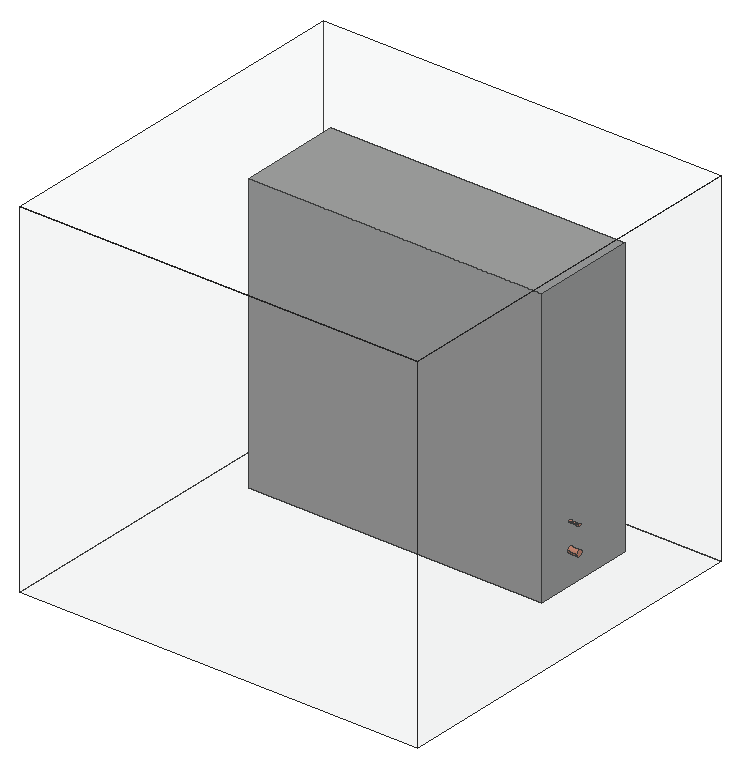
Revit family "Hitachi_RAC-YHA_NXA_Outdoor_Unit_VER3_1014", category Mechanical Equipment, Revit 2013
Parameters (values of type "RAC-80YHA3")
  Weight (kg) = 52
  Unit Width = 850 mm
  Unit Height = 800 mm
  URL = "www.temperzone.biz"
  Top Clearance = 200 mm
  Sound Pressure Level (dbA) - Cool / Heat = "55 / 55"
  Sensible Cooling = "6.15"
  Right Clearance = 200 mm
  Refrigerant Type = "R410A"
  Refrigerant Pipe Charge Length = "30m"
  Refrig Pipe Offset from Back = 201 mm
  Radius pipe Top LIQUID = 3.2 mm
  Radius Pipe Bottom GAS = 7.9 mm
  Power Suppy = "240 / 1"
  Power Input kW (cooling) = 2.45
  Power Input kW (Heating) = 2.75
  Pipe Length (min./max.) = "3m to 30m"
  Pipe Height (max.) = "20m"
  Pipe Connection Size - Liquid = "6.35 mm"
  Pipe Connection Size - Gas = "15.9 mm"
  Outdoor Operating Temp. (heating) C db = "21 to -15 C"
  Outdoor Operating Temp. (cooling) C db = "46 to -10 C"
  Model - Indoor = "RAS-80YHA3"
  Model = "RAC-80YHA3"
  Recommended External Protection = 20 A
  Material = "Hitachi - Outdoor Unit"
  Manufacturer = "Temperzone / Hitachi"
  Left Clearance = 100 mm
  Interconnecting Wires = "4 + E, 1.5 mm"
  Height Refrig Pipe (Bottom - GAS) = 96 mm
  Height Refig Pipe (Top LIQUID) = 169.5 mm
  Heating Range = "1.5 - 9.7 kW"
  Heating Capacity = 9000 W
  Front Clearance = 700 mm
  Unit Depth = 298 mm
  Energy Star = yes
  EER Cooling = 3.27
  Description = "Hitachi Outdoor Unit RAC-80YHA3"
  Cooling Range = "1.5 - 8.5 kW"
  Cooling Capacity = 8000 W
  Clearance = Default
  COP Heating = 3.27
  Back Clearance = 100 mm
  Airflow - Med = 242.0 L/s
  Airflow - Low = 225.0 L/s
  Airflow - Hi = 350.0 L/s
  Airflow - ExLow = 203.0 L/s
Types (9, lengths in mm): name | Weight (kg) | Unit Width | Unit Height | Sound Pressure Level (dbA) - Cool / Heat | Sensible Cooling | Refrigerant Pipe Charge Length | Refrig Pipe Offset from Back | Radius Pipe Bottom GAS | Power Input kW (cooling) | Power Input kW (Heating) | Pipe Length (min./max.) | Pipe Height (max.) | Pipe Connection Size - Gas | Outdoor Operating Temp. (cooling) C db | Model - Indoor | Model | Recommended External Protection | Interconnecting Wires | Height Refrig Pipe (Bottom - GAS) | Height Refig Pipe (Top LIQUID) | Heating Range | Heating Capacity | Front Clearance | Unit Depth | Energy Star | EER Cooling | Description | Cooling Range | Cooling Capacity | Clearance | COP Heating | Back Clearance | Airflow - Med | Airflow - Low | Airflow - Hi | Airflow - ExLow
  (no name) | 52 | 850 | 800 | "55 / 55" | "6.15" | "30m" | 201 | 7.9 | 2.45 | 2.75 | "3m to 30m" | "20m" | "15.9 mm" | "46 to -10 C" | "RAS-80YHA3" | "RAC-80YHA3" | 20 A | "4 + E, 1.5 mm" | 96 | 169.5 | "1.5 - 9.7 kW" | 9000 W | 700 | 298 | yes | 3.27 | "Hitachi Outdoor Unit RAC-80YHA3" | "1.5 - 8.5 kW" | 8000 W | Default | 3.27 | 100 | 242.0 L/s | 225.0 L/s | 350.0 L/s | 203.0 L/s
  RAC-50YHA3 | 45 | 850 | 651 | "50 / 52" | "3.86 kW" | "20m" | 201 | 6.4 | 1.48 | 1.66 | "3m to 30m" | "20m" | "12.7 mm" | "46 to -10 C" | "RAS-50YHA3" | "RAC-50YHA3" | 16 A | "2 + E, 1.5 mm" | 96 | 169.5 | "0.9 - 6.8 kW" | 6100 W | 700 | 298 | yes | 3.38 | "Hitachi Outdoor Unit RAC-50YHA3" | "0.9 - 5.8 kW" | 5000 W | Default | 3.67 | 100 | 173.0 L/s | 117.0 L/s | 227.0 L/s | 87.0 L/s
  RAC-25YHA4 | 33 | 750 | 548 | "47 / 48" | "2.47 kW" | "20m" | 202 | 4.7 | 0.55 | 0.68 | "3m to 20m" | "10m" | "9.5 mm" | "43 to -10 C" | "RAS-25YHA4" | "RAC-25YHA4" | 16 A | "2 + E, 1.5 mm" | 91 | 162.5 | "1.0 - 4.2 kW" | 3200 W | 300 | 288 | yes | 4.55 | "Hitachi Outdoor Unit RAC-25YHA4" | "1.0 - 3.2 kW" | 2500 W | Default | 4.71 | 50 | 112.0 L/s | 83.0 L/s | 153.0 L/s | 55.0 L/s
  RAC-35YHA4 | 38 | 750 | 548 | "47 / 48" | "3.09 kW" | "20m" | 202 | 4.7 | 0.91 | 1.06 | "3m to 20m" | "10m" | "9.5 mm" | "43 to -10 C" | "RAS-35YHA4" | "RAC-35YHA4" | 16 A | "2 + E, 1.5 mm" | 91 | 162.5 | "1.1 - 5.6 kW" | 4500 W | 300 | 288 | yes | 3.85 | "Hitachi Outdoor Unit RAC-35YHA4" | "1.1 - 4.2 kW" | 3500 W | Default | 4.25 | 50 | 147.0 L/s | 92.0 L/s | 158.0 L/s | 55.0 L/s
  RAC-60YHA3 | 50 | 850 | 750 | "50 / 51" | "4.40 kW" | "20m" | 191 | 6.4 | 1.8 | 1.99 | "3m to 30m" | "20m" | "12.7 mm" | "46 to -10 C" | "RAS-60YHA3" | "RAC-60YHA3" | 16 A | "4 + E, 1.5 mm" | 107.5 | 159.5 | "0.9 - 7.5 kW" | 7000 W | 700 | 298 | no | 3.33 | "Hitachi Outdoor Unit RAC-60YHA3" | "0.9 - 6.8 kW" | 6000 W | Default | 3.52 | 100 | 183.0 L/s | 133.0 L/s | 250.0 L/s | 121.0 L/s
  RAC-70YHA3 | 52 | 850 | 800 | "51 / 53" | "5.50 kW" | "30m" | 201 | 7.9 | 2.05 | 2.36 | "3m to 30m" | "20m" | "15.9 mm" | "46 to -10 C" | "RAS-70YHA3" | "RAC-70YHA3" | 20 A | "4 + E, 1.5 mm" | 96 | 169.5 | "1.5 - 9.7 kW" | 8300 W | 700 | 298 | yes | 3.41 | "Hitachi Outdoor Unit RAC-70YHA3" | "1.5 - 8.3 kW" | 7000 W | Default | 3.52 | 100 | 242.0 L/s | 167.0 L/s | 292.0 L/s | 142.0 L/s
  RAC-80YHA3 | 52 | 850 | 800 | "55 / 55" | "6.15" | "30m" | 201 | 7.9 | 2.45 | 2.75 | "3m to 30m" | "20m" | "15.9 mm" | "46 to -10 C" | "RAS-80YHA3" | "RAC-80YHA3" | 20 A | "4 + E, 1.5 mm" | 96 | 169.5 | "1.5 - 9.7 kW" | 9000 W | 700 | 298 | yes | 3.27 | "Hitachi Outdoor Unit RAC-80YHA3" | "1.5 - 8.5 kW" | 8000 W | Default | 3.27 | 100 | 242.0 L/s | 225.0 L/s | 350.0 L/s | 203.0 L/s
  RAC-35NXA1 | 36 | 750 | 548 | "47 / 49" | "3.14 kW" | "20m" | 202 | 4.7 | 0.94 | 1.05 | "3m to 20m" | "10m" | "9.5 mm" | "43 to -10 C" | "RAF35-NXA1" | "RAC35-NXA1" | 16 A | "2C + E, 1.5 mm" | 91 | 162.5 | "1.1 - 5.2 kW" | 4200 W | 300 | 288 | yes | 3.72 | "Hitachi Outdoor Unit RAC35-NXA1" | "1.1 - 4.2 kW" | 3500 W | Clearance Zone | 4 | 50 | 138.0 L/s | 111.0 L/s | 167.0 L/s | 92.0 L/s
  RAC50-NXA1 | 40 | 792 | 600 | "52 / 52" | "3.78 kW" | "20m" | 202 | 6.4 | 1.51 | 1.66 | "3m to 20m" | "10m" | "12.7 mm" | "43 to -10 C" | "RAF-50NXA1" | "RAC-50NXA1" | 16 A | "2C + E, 1.5 mm" | 91 | 161 | "1.1 - 5.2 kW" | 6000 W | 700 | 299 | yes | 3.31 | "Hitachi Outdoor Unit RAC-50NXA1" | "2.2 - 7.3 kW" | 5000 W | Default | 3.61 | 50 | 147.0 L/s | 120.0 L/s | 180.0 L/s | 103.0 L/s
Reference planes
  plane 1 "Center (Front/Back)": y = 0
  plane 2: z = 0
  plane 3 "Center (Left/Right)": x = 0
  plane 4 "Front": y = -298
  plane 5 "Back Clearance": y = 100
  plane 6 "Right": x = 425
  plane 7 "Left": x = -425
  plane 8 "Front Clearance": y = -998
  plane 9 "Right Clearance": x = 625
  plane 10 "left Clearance": x = -525
  plane 11 "Top": z = 800
  plane 12 "Top Clearance": z = 1000
  plane 13 "Refrig Lines": y = -201
  plane 14: z = 169.5
  plane 15: z = 96
  plane 16 "Circle Centre horizontal": z = 400
  plane 17 "Circle centre vertical": x = -125
  plane 18: x = 175
  plane 19: x = 375
  plane 20: z = 649.5
  plane 21: z = 150.5
Forms (mm)
  Extrusion 1, solid, material "Steel, Paint Finish, Ivory, Matte"
    sketch origin (0, 0, 0) x (1, 0, 0) y (0, 1, 0)
      loop
        line (-425, 0) -> (-425, -298) -> (425, -298) -> (425, 0) -> (-425, 0)
    from 0 to 800
  Extrusion 2, solid, material "Clearance Zone"
    sketch origin (0, 0, 0) x (1, 0, 0) y (0, 1, 0)
      loop
        line (-525, 100) -> (-525, -998) -> (625, -998) -> (625, 100) -> (-525, 100)
    from 0 to 1000
  Extrusion 3, solid, material "Copper"
    sketch origin (425, 0, 0) x (0, -1, 0) y (0, 0, -1)
      loop
        circle (201, -169.5) r 3.2
    from 0 to 30
  Extrusion 4, solid, material "Copper"
    sketch origin (425, 0, 0) x (0, -1, 0) y (0, 0, -1)
      loop
        circle (201, -96) r 7.9
    from 0 to 30
Lines and regions (mm)
  model lines
    curve 1: circle (-125, -298, 400) r 250 normal (0, 1, 0)
    curve 2: line (175, -298, 649.5) -> (375, -298, 649.5)
    curve 3: line (175, -298, 150.5) -> (175, -298, 649.5)
    curve 4: line (375, -298, 150.5) -> (175, -298, 150.5)
    curve 5: line (375, -298, 649.5) -> (375, -298, 150.5)
Dimensions and locks
  equal spacing: plane 7 "Left", plane 3 "Center (Left/Right)", plane 6 "Right"
  "Unit Width": plane 7 "Left" to plane 6 "Right"
  "Unit Depth": plane 4 "Front" to plane 1 "Center (Front/Back)"
  "Back Clearance": plane 1 "Center (Front/Back)" to plane 5 "Back Clearance"
  "Unit Height": plane 11 "Top" to plane 2
  "Top Clearance": plane 12 "Top Clearance" to plane 11 "Top"
  "Left Clearance": plane 10 "left Clearance" to plane 7 "Left"
  "Right Clearance": plane 6 "Right" to plane 9 "Right Clearance"
  "Front Clearance": plane 4 "Front" to plane 8 "Front Clearance"
  "Refrig Pipe Offset from Back": plane 13 "Refrig Lines" to plane 1 "Center (Front/Back)"
  "Height Refrig Pipe (Bottom - GAS)": plane 15 to level
  "Height Refig Pipe (Top LIQUID)": plane 14 to level
  locked: plane 7 "Left" to plane 17 "Circle centre vertical" at 300
  equal spacing: plane 11 "Top", plane 16 "Circle Centre horizontal", level
  locked: plane 18 to plane 17 "Circle centre vertical" at 300
  locked: plane 19 to plane 6 "Right" at 50
  equal spacing: plane 20, plane 16 "Circle Centre horizontal", plane 21
  locked: plane 20 to plane 21 at 499
  "Radius pipe Top LIQUID": radius of Extrusion 3 sketch curve
  "Radius Pipe Bottom GAS": radius of Extrusion 4 sketch curve
  aligned and locked: level to plane 2
  aligned and locked: plane 1 "Center (Front/Back)" to Extrusion 1 sketch curve
  aligned and locked: Extrusion 1 sketch curve to plane 7 "Left"
  aligned and locked: plane 4 "Front" to Extrusion 1 sketch curve
  aligned and locked: Extrusion 1 sketch curve to plane 6 "Right"
  aligned and locked: plane 11 "Top" to Extrusion 1
  aligned and locked: Extrusion 1 to plane 2
  aligned and locked: Extrusion 2 sketch curve to plane 5 "Back Clearance"
  aligned and locked: plane 10 "left Clearance" to Extrusion 2 sketch curve
  aligned and locked: plane 8 "Front Clearance" to Extrusion 2 sketch curve
  aligned and locked: Extrusion 2 sketch curve to plane 9 "Right Clearance"
  aligned and locked: plane 12 "Top Clearance" to Extrusion 2
  aligned and locked: Extrusion 2 to plane 2
  aligned and locked: plane 20 to curve 2
  aligned and locked: curve 3 to plane 18
  aligned and locked: curve 4 to plane 21
  aligned and locked: curve 5 to plane 19
Automatic sketch dimensions
  curve 1 to plane 16 "Circle Centre horizontal" = 0 mm
  curve 1 to plane 17 "Circle centre vertical" = 0 mm
  Extrusion 3 sketch curve to plane 13 "Refrig Lines" = 0 mm
  Extrusion 3 sketch curve to plane 14 = 0 mm
  Extrusion 4 sketch curve to plane 13 "Refrig Lines" = 0 mm
  Extrusion 4 sketch curve to plane 15 = 0 mm
  radius of curve 1 = 250 mm
Connectors
  piping at (455, -201, 169.5), driven by "Radius pipe Top LIQUID"
    settings: on Extrusion 3, index 1, connector radius 3.2 mm, flow factor 0, pipe flow 0.0 L/s, pressure drop 0.0 Pa, fitting loss kfactor 0, connector angle 0.00°, fixture units 0, engagement length 0 mm, flow configuration 2, flow direction 0, fitting loss method 0, system type 22, joint type 0, gender type 0, connector reference index -1, connector utility 0, adjustable connector no, is connector primary yes, fitting loss table "", connector description "Liquid Line (top)"
  piping at (455, -201, 96), driven by "Radius Pipe Bottom GAS"
    settings: on Extrusion 4, index 2, connector radius 7.9 mm, flow factor 0, pipe flow 0.0 L/s, pressure drop 0.0 Pa, fitting loss kfactor 0, connector angle 0.00°, fixture units 0, engagement length 0 mm, flow configuration 0, flow direction 0, fitting loss method 4, system type 22, joint type 0, gender type 0, connector reference index -1, connector utility 0, adjustable connector no, is connector primary no, fitting loss table "", connector description "Gas Line (Bottom)"
